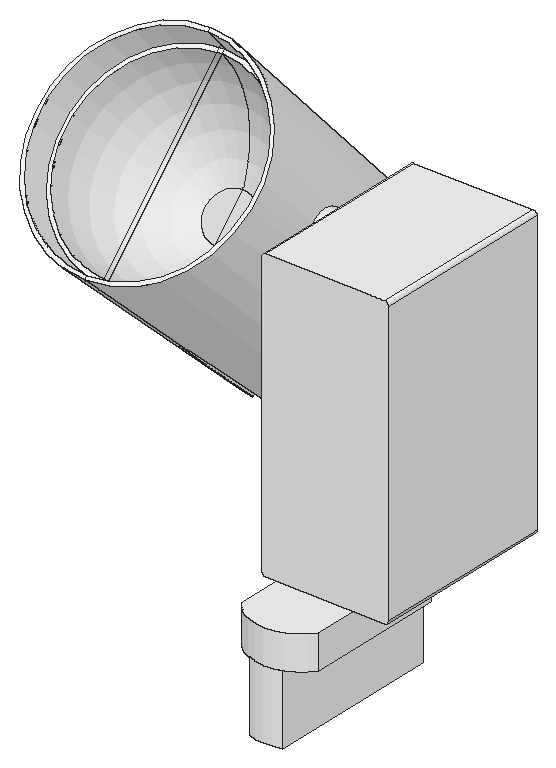
Revit family "0004875 Feilo Sylvania Lighting Fixture START TRACK SPOT S 24W 4K RA90 MB WHITE", category Lighting Fixtures, host Face, Revit 2017 (continued)
Definition of nested family "Start Track Spot Head"
  Types (96, lengths in mm): name | Wattage | built-in parameter 1150134 | Photometric Web File | Model | built-in parameter 1150105 | Lumens | built-in parameter 1150107 | built-in parameter 1150106 | HeadThickness_FEILO | HeadRibOffset_FEILO | HeadRibDepth_FEILO | HeadRibCutWidth_FEILO | HeadRibCutOffset_FEILO | HeadReflectorRadius_FEILO | HeadReflectorOffset_FEILO | HeadLEDRadius_FEILO | HeadHeight_FEILO | HeadDiffusorOffset_FEILO | HeadDiaOut_FEILO | HeadDiaIn_FEILO | HeadAxisFromTop_FEILO | Emit from Circle Diameter | built-in parameter 1150104 | Description | Apparent Load
    0004864 START TRACK SPOT S 24W 3K RA90 WB WHITE | 24 W | (empty or 0) | "0004864.ies" | "START TRACK SPOT S 24W 3K RA90 WB WHITE" | 152.79 (stored number, unit not read) | 1920 lm | 3000 (stored number, unit not read) | 1.5279 (stored number, unit not read) | 1.5 | 4.179 | 55.714 | 7.167 | 50.87 | 50.588 | 55.714 | 9.556 | 117 | 9.435 | 86 | 77.477 | 69.354 | 77.477 | 7.4322 (stored number, unit not read) | "Integrated LED spotlight, Textured White - RAL9016, compact and minimalist design, ideal for retail applications, die-cast aluminium body, passive cooling heatsink. Beam angle: 64°, color temperature: 3000K , total system power: 24W, total fixture output: 1928 lm, LOR: 100%, colour rendering: Ra: 90 typical, LED Chromaticity: 3 step MacAdam ellipse, lifetime: >50000 hours at L70B50, energy class: A++, A+, A, IR/UV free light source without heat radiation, operating voltage: 220-240V / 50-60Hz, drive current: 600mA, electronic driver, non-dimmable, power factor: 0.95, electrical protection: Class II, Global Track 3 Phase adapter suitable for Global trac 3-circuit tracks, ingress protection rating: IP20, suitable for internal environment only, horizontal rotation: 355°, vertical tilt: 90°, dimensions: Ø86x140x200, weight: 0.966kg." | 24 VA
    0004863 START TRACK SPOT S 24W 3K RA90 MB WHITE | 24 W | (empty or 0) | "0004863.ies" | "START TRACK SPOT S 24W 3K RA90 MB WHITE" | 154.7 (stored number, unit not read) | 1944 lm | 3000 (stored number, unit not read) | 1.547 (stored number, unit not read) | 1.5 | 4.179 | 55.714 | 7.167 | 50.87 | 50.588 | 55.714 | 9.556 | 117 | 9.435 | 86 | 77.477 | 69.354 | 77.477 | 7.5251 (stored number, unit not read) | "Integrated LED spotlight, Textured White - RAL9016, compact and minimalist design, ideal for retail applications, die-cast aluminium body, passive cooling heatsink. Beam angle: 36°, color temperature: 3000K , total system power: 24W, total fixture output: 1944 lm, LOR: 100%, colour rendering: Ra: 90 typical, LED Chromaticity: 3 step MacAdam ellipse, lifetime: >50000 hours at L70B50, energy class: A++, A+, A, IR/UV free light source without heat radiation, operating voltage: 220-240V / 50-60Hz, drive current: 600mA, electronic driver, non-dimmable, power factor: 0.95, electrical protection: Class II, Global Track 3 Phase adapter suitable for Global trac 3-circuit tracks, ingress protection rating: IP20, suitable for internal environment only, horizontal rotation: 355°, vertical tilt: 90°, dimensions: Ø86x140x200, weight: 0.966kg." | 24 VA
    0004862 START TRACK SPOT S 24W 3K RA90 NB WHITE | 24 W | (empty or 0) | "0004862.ies" | "START TRACK SPOT S 24W 3K RA90 NB WHITE" | 158.52 (stored number, unit not read) | 1992 lm | 3000 (stored number, unit not read) | 1.5852 (stored number, unit not read) | 1.5 | 4.179 | 55.714 | 7.167 | 50.87 | 50.588 | 55.714 | 9.556 | 117 | 9.435 | 86 | 77.477 | 69.354 | 77.477 | 7.711 (stored number, unit not read) | "Integrated LED spotlight, Textured White - RAL9016, compact and minimalist design, ideal for retail applications, die-cast aluminium body, passive cooling heatsink. Beam angle: 12°, color temperature: 3000K , total system power: 24W, total fixture output: 1987 lm, LOR: 100%, colour rendering: Ra: 90 typical, LED Chromaticity: 3 step MacAdam ellipse, lifetime: >50000 hours at L70B50, energy class: A++, A+, A, IR/UV free light source without heat radiation, operating voltage: 220-240V / 50-60Hz, drive current: 600mA, electronic driver, non-dimmable, power factor: 0.95, electrical protection: Class II, Global Track 3 Phase adapter suitable for Global trac 3-circuit tracks, ingress protection rating: IP20, suitable for internal environment only, horizontal rotation: 355°, vertical tilt: 90°, dimensions: Ø86x140x200, weight: 0.966kg." | 24 VA
    0004861 START TRACK SPOT S 14W 3K RA90 WB WHITE | 14 W | (empty or 0) | "0004861.ies" | "START TRACK SPOT S 14W 3K RA90 WB WHITE" | 100.27 (stored number, unit not read) | 1260 lm | 3000 (stored number, unit not read) | 1.0027 (stored number, unit not read) | 1.5 | 4.179 | 55.714 | 7.167 | 50.87 | 50.588 | 55.714 | 9.556 | 117 | 9.435 | 86 | 77.477 | 69.354 | 77.477 | 8.3613 (stored number, unit not read) | "Integrated LED spotlight, Textured White - RAL9016, compact and minimalist design, ideal for retail applications, die-cast aluminium body, passive cooling heatsink. Beam angle: 64°, color temperature: 3000K , total system power: 14W, total fixture output: 1262 lm, LOR: 100%, colour rendering: Ra: 90 typical, LED Chromaticity: 3 step MacAdam ellipse, lifetime: >50000 hours at L70B50, energy class: A++, A+, A, IR/UV free light source without heat radiation, operating voltage: 220-240V / 50-60Hz, drive current: 350mA, electronic driver, non-dimmable, power factor: 0.92, electrical protection: Class II, Global Track 3 Phase adapter suitable for Global trac 3-circuit tracks, ingress protection rating: IP20, suitable for internal environment only, horizontal rotation: 355°, vertical tilt: 90°, dimensions: Ø86x140x200, weight: 0.940kg." | 14 VA
    0004860 START TRACK SPOT S 14W 3K RA90 MB WHITE | 14 W | (empty or 0) | "0004860.ies" | "START TRACK SPOT S 14W 3K RA90 MB WHITE" | 100.27 (stored number, unit not read) | 1260 lm | 3000 (stored number, unit not read) | 1.0027 (stored number, unit not read) | 1.5 | 4.179 | 55.714 | 7.167 | 50.87 | 50.588 | 55.714 | 9.556 | 117 | 9.435 | 86 | 77.477 | 69.354 | 77.477 | 8.3613 (stored number, unit not read) | "Integrated LED spotlight, Textured White - RAL9016, compact and minimalist design, ideal for retail applications, die-cast aluminium body, passive cooling heatsink. Beam angle: 36°, color temperature: 3000K , total system power: 14W, total fixture output: 1262 lm, LOR: 100%, colour rendering: Ra: 90 typical, LED Chromaticity: 3 step MacAdam ellipse, lifetime: >50000 hours at L70B50, energy class: A++, A+, A, IR/UV free light source without heat radiation, operating voltage: 220-240V / 50-60Hz, drive current: 350mA, electronic driver, non-dimmable, power factor: 0.92, electrical protection: Class II, Global Track 3 Phase adapter suitable for Global trac 3-circuit tracks, ingress protection rating: IP20, suitable for internal environment only, horizontal rotation: 355°, vertical tilt: 90°, dimensions: Ø86x140x200, weight: 0.940kg." | 14 VA
    0004859 START TRACK SPOT S 14W 3K RA90 NB WHITE | 14 W | (empty or 0) | "0004859.ies" | "START TRACK SPOT S 14W 3K RA90 NB WHITE" | 102.5 (stored number, unit not read) | 1288 lm | 3000 (stored number, unit not read) | 1.025 (stored number, unit not read) | 1.5 | 4.179 | 55.714 | 7.167 | 50.87 | 50.588 | 55.714 | 9.556 | 117 | 9.435 | 86 | 77.477 | 69.354 | 77.477 | 8.5471 (stored number, unit not read) | "Integrated LED spotlight, Textured White - RAL9016, compact and minimalist design, ideal for retail applications, die-cast aluminium body, passive cooling heatsink. Beam angle: 12°, color temperature: 3000K , total system power: 14W, total fixture output: 1284 lm, LOR: 100%, colour rendering: Ra: 90 typical, LED Chromaticity: 3 step MacAdam ellipse, lifetime: >50000 hours at L70B50, energy class: A++, A+, A, IR/UV free light source without heat radiation, operating voltage: 220-240V / 50-60Hz, drive current: 350mA, electronic driver, non-dimmable, power factor: 0.92, electrical protection: Class II, Global Track 3 Phase adapter suitable for Global trac 3-circuit tracks, ingress protection rating: IP20, suitable for internal environment only, horizontal rotation: 355°, vertical tilt: 90°, dimensions: Ø86x140x200, weight: 0.940kg." | 14 VA
    0004858 START TRACK SPOT L 55W 4K RA80 WB BLACK | 55 W | 12 | "0004858.ies" | "START TRACK SPOT L 55W 4K RA80 WB BLACK" | 424.55 (stored number, unit not read) | 5335 lm | 4000 (stored number, unit not read) | 4.2455 (stored number, unit not read) | 2 | 4.429 | 59.048 | 9.417 | 53.913 | 66.471 | 59.048 | 12.556 | 124 | 10 | 113 | 101.802 | 73.503 | 101.802 | 9.0116 (stored number, unit not read) | "Integrated LED spotlight, Textured Black - RAL9005, compact and minimalist design, ideal for retail applications, die-cast aluminium body, passive cooling heatsink. Beam angle: 52°, color temperature: 4000K , total system power: 55W, total fixture output: 5320 lm, LOR: 100%, colour rendering: Ra: 80 typical, LED Chromaticity: 3 step MacAdam ellipse, lifetime: >50000 hours at L70B50, energy class: A++, A+, A, IR/UV free light source without heat radiation, operating voltage: 220-240V / 50-60Hz, drive current: 1400mA, electronic driver, non-dimmable, power factor: 0.96, electrical protection: Class II, Global Track 3 Phase adapter suitable for Global trac 3-circuit tracks, ingress protection rating: IP20, suitable for internal environment only, horizontal rotation: 355°, vertical tilt: 90°, dimensions: Ø113x164x240, weight: 1.398kg." | 55 VA
    0004857 START TRACK SPOT L 55W 4K RA80 MB BLACK | 55 W | 12 | "0004857.ies" | "START TRACK SPOT L 55W 4K RA80 MB BLACK" | 428.92 (stored number, unit not read) | 5390 lm | 4000 (stored number, unit not read) | 4.2892 (stored number, unit not read) | 2 | 4.429 | 59.048 | 9.417 | 53.913 | 66.471 | 59.048 | 12.556 | 124 | 10 | 113 | 101.802 | 73.503 | 101.802 | 9.1045 (stored number, unit not read) | "Integrated LED spotlight, Textured Black - RAL9005, compact and minimalist design, ideal for retail applications, die-cast aluminium body, passive cooling heatsink. Beam angle: 38°, color temperature: 4000K , total system power: 55W, total fixture output: 5378 lm, LOR: 100%, colour rendering: Ra: 80 typical, LED Chromaticity: 3 step MacAdam ellipse, lifetime: >50000 hours at L70B50, energy class: A++, A+, A, IR/UV free light source without heat radiation, operating voltage: 220-240V / 50-60Hz, drive current: 1400mA, electronic driver, non-dimmable, power factor: 0.96, electrical protection: Class II, Global Track 3 Phase adapter suitable for Global trac 3-circuit tracks, ingress protection rating: IP20, suitable for internal environment only, horizontal rotation: 355°, vertical tilt: 90°, dimensions: Ø113x164x240, weight: 1.398kg." | 55 VA
    0004856 START TRACK SPOT L 55W 4K RA80 NB BLACK | 55 W | 12 | "0004856.ies" | "START TRACK SPOT L 55W 4K RA80 NB BLACK" | 433.3 (stored number, unit not read) | 5445 lm | 4000 (stored number, unit not read) | 4.333 (stored number, unit not read) | 2 | 4.429 | 59.048 | 9.417 | 53.913 | 66.471 | 59.048 | 12.556 | 124 | 10 | 113 | 101.802 | 73.503 | 101.802 | 9.1974 (stored number, unit not read) | "Integrated LED spotlight, Textured Black - RAL9005, compact and minimalist design, ideal for retail applications, die-cast aluminium body, passive cooling heatsink. Beam angle: 15°, color temperature: 4000K , total system power: 55W, total fixture output: 5426 lm, LOR: 100%, colour rendering: Ra: 80 typical, LED Chromaticity: 3 step MacAdam ellipse, lifetime: >50000 hours at L70B50, energy class: A++, A+, A, IR/UV free light source without heat radiation, operating voltage: 220-240V / 50-60Hz, drive current: 1400mA, electronic driver, non-dimmable, power factor: 0.96, electrical protection: Class II, Global Track 3 Phase adapter suitable for Global trac 3-circuit tracks, ingress protection rating: IP20, suitable for internal environment only, horizontal rotation: 355°, vertical tilt: 90°, dimensions: Ø113x164x240, weight: 1.398kg." | 55 VA
    0004855 START TRACK SPOT L 35W 4K RA80 WB BLACK | 35 W | 12 | "0004855.ies" | "START TRACK SPOT L 35W 4K RA80 WB BLACK" | 320.3 (stored number, unit not read) | 4025 lm | 4000 (stored number, unit not read) | 3.203 (stored number, unit not read) | 2 | 4.429 | 59.048 | 9.417 | 53.913 | 66.471 | 59.048 | 12.556 | 124 | 10 | 113 | 101.802 | 73.503 | 101.802 | 10.684 (stored number, unit not read) | "Integrated LED spotlight, Textured Black - RAL9005, compact and minimalist design, ideal for retail applications, die-cast aluminium body, passive cooling heatsink. Beam angle: 52°, color temperature: 4000K , total system power: 35W, total fixture output: 4010 lm, LOR: 100%, colour rendering: Ra: 80 typical, LED Chromaticity: 3 step MacAdam ellipse, lifetime: >50000 hours at L70B50, energy class: A++, A+, A, IR/UV free light source without heat radiation, operating voltage: 220-240V / 50-60Hz, drive current: 900mA, electronic driver, non-dimmable, power factor: 0.93, electrical protection: Class II, Global Track 3 Phase adapter suitable for Global trac 3-circuit tracks, ingress protection rating: IP20, suitable for internal environment only, horizontal rotation: 355°, vertical tilt: 90°, dimensions: Ø113x164x240, weight: 1.368kg." | 35 VA
    0004854 START TRACK SPOT L 35W 4K RA80 MB BLACK | 35 W | 12 | "0004854.ies" | "START TRACK SPOT L 35W 4K RA80 MB BLACK" | 320.3 (stored number, unit not read) | 4025 lm | 4000 (stored number, unit not read) | 3.203 (stored number, unit not read) | 2 | 4.429 | 59.048 | 9.417 | 53.913 | 66.471 | 59.048 | 12.556 | 124 | 10 | 113 | 101.802 | 73.503 | 101.802 | 10.684 (stored number, unit not read) | "Integrated LED spotlight, Textured Black - RAL9005, compact and minimalist design, ideal for retail applications, die-cast aluminium body, passive cooling heatsink. Beam angle: 38°, color temperature: 4000K , total system power: 35W, total fixture output: 4017 lm, LOR: 100%, colour rendering: Ra: 80 typical, LED Chromaticity: 3 step MacAdam ellipse, lifetime: >50000 hours at L70B50, energy class: A++, A+, A, IR/UV free light source without heat radiation, operating voltage: 220-240V / 50-60Hz, drive current: 900mA, electronic driver, non-dimmable, power factor: 0.93, electrical protection: Class II, Global Track 3 Phase adapter suitable for Global trac 3-circuit tracks, ingress protection rating: IP20, suitable for internal environment only, horizontal rotation: 355°, vertical tilt: 90°, dimensions: Ø113x164x240, weight: 1.368kg." | 35 VA
    0004853 START TRACK SPOT L 35W 4K RA80 NB BLACK | 35 W | 12 | "0004853.ies" | "START TRACK SPOT L 35W 4K RA80 NB BLACK" | 331.44 (stored number, unit not read) | 4165 lm | 4000 (stored number, unit not read) | 3.3144 (stored number, unit not read) | 2 | 4.429 | 59.048 | 9.417 | 53.913 | 66.471 | 59.048 | 12.556 | 124 | 10 | 113 | 101.802 | 73.503 | 101.802 | 11.055 (stored number, unit not read) | "Integrated LED spotlight, Textured Black - RAL9005, compact and minimalist design, ideal for retail applications, die-cast aluminium body, passive cooling heatsink. Beam angle: 15°, color temperature: 4000K , total system power: 35W, total fixture output: 4174 lm, LOR: 100%, colour rendering: Ra: 80 typical, LED Chromaticity: 3 step MacAdam ellipse, lifetime: >50000 hours at L70B50, energy class: A++, A+, A, IR/UV free light source without heat radiation, operating voltage: 220-240V / 50-60Hz, drive current: 900mA, electronic driver, non-dimmable, power factor: 0.93, electrical protection: Class II, Global Track 3 Phase adapter suitable for Global trac 3-circuit tracks, ingress protection rating: IP20, suitable for internal environment only, horizontal rotation: 355°, vertical tilt: 90°, dimensions: Ø113x164x240, weight: 1.368kg." | 35 VA
    0004852 START TRACK SPOT S 24W 4K RA80 WB BLACK | 24 W | 12 | "0004852.ies" | "START TRACK SPOT S 24W 4K RA80 WB BLACK" | 196.72 (stored number, unit not read) | 2472 lm | 4000 (stored number, unit not read) | 1.9672 (stored number, unit not read) | 1.5 | 4.179 | 55.714 | 7.167 | 50.87 | 50.588 | 55.714 | 9.556 | 117 | 9.435 | 86 | 77.477 | 69.354 | 77.477 | 9.569 (stored number, unit not read) | "Integrated LED spotlight, Textured Black - RAL9005, compact and minimalist design, ideal for retail applications, die-cast aluminium body, passive cooling heatsink. Beam angle: 64°, color temperature: 4000K , total system power: 24W, total fixture output: 2476 lm, LOR: 100%, colour rendering: Ra: 80 typical, LED Chromaticity: 3 step MacAdam ellipse, lifetime: >50000 hours at L70B50, energy class: A++, A+, A, IR/UV free light source without heat radiation, operating voltage: 220-240V / 50-60Hz, drive current: 600mA, electronic driver, non-dimmable, power factor: 0.95, electrical protection: Class II, Global Track 3 Phase adapter suitable for Global trac 3-circuit tracks, ingress protection rating: IP20, suitable for internal environment only, horizontal rotation: 355°, vertical tilt: 90°, dimensions: Ø86x140x200, weight: 0.966kg." | 24 VA
    0004851 START TRACK SPOT S 24W 4K RA80 MB BLACK | 24 W | 12 | "0004851.ies" | "START TRACK SPOT S 24W 4K RA80 MB BLACK" | 198.63 (stored number, unit not read) | 2496 lm | 4000 (stored number, unit not read) | 1.9863 (stored number, unit not read) | 1.5 | 4.179 | 55.714 | 7.167 | 50.87 | 50.588 | 55.714 | 9.556 | 117 | 9.435 | 86 | 77.477 | 69.354 | 77.477 | 9.6619 (stored number, unit not read) | "Integrated LED spotlight, Textured Black - RAL9005, compact and minimalist design, ideal for retail applications, die-cast aluminium body, passive cooling heatsink. Beam angle: 36°, color temperature: 4000K , total system power: 24W, total fixture output: 2487 lm, LOR: 100%, colour rendering: Ra: 80 typical, LED Chromaticity: 3 step MacAdam ellipse, lifetime: >50000 hours at L70B50, energy class: A++, A+, A, IR/UV free light source without heat radiation, operating voltage: 220-240V / 50-60Hz, drive current: 600mA, electronic driver, non-dimmable, power factor: 0.95, electrical protection: Class II, Global Track 3 Phase adapter suitable for Global trac 3-circuit tracks, ingress protection rating: IP20, suitable for internal environment only, horizontal rotation: 355°, vertical tilt: 90°, dimensions: Ø86x140x200, weight: 0.966kg." | 24 VA
    0004850 START TRACK SPOT S 24W 4K RA80 NB BLACK | 24 W | 12 | "0004850.ies" | "START TRACK SPOT S 24W 4K RA80 NB BLACK" | 200.54 (stored number, unit not read) | 2520 lm | 4000 (stored number, unit not read) | 2.0054 (stored number, unit not read) | 1.5 | 4.179 | 55.714 | 7.167 | 50.87 | 50.588 | 55.714 | 9.556 | 117 | 9.435 | 86 | 77.477 | 69.354 | 77.477 | 9.7548 (stored number, unit not read) | "Integrated LED spotlight, Textured Black - RAL9005, compact and minimalist design, ideal for retail applications, die-cast aluminium body, passive cooling heatsink. Beam angle: 12°, color temperature: 4000K , total system power: 24W, total fixture output: 2529 lm, LOR: 100%, colour rendering: Ra: 80 typical, LED Chromaticity: 3 step MacAdam ellipse, lifetime: >50000 hours at L70B50, energy class: A++, A+, A, IR/UV free light source without heat radiation, operating voltage: 220-240V / 50-60Hz, drive current: 600mA, electronic driver, non-dimmable, power factor: 0.95, electrical protection: Class II, Global Track 3 Phase adapter suitable for Global trac 3-circuit tracks, ingress protection rating: IP20, suitable for internal environment only, horizontal rotation: 355°, vertical tilt: 90°, dimensions: Ø86x140x200, weight: 0.966kg." | 24 VA
    0004849 START TRACK SPOT S 14W 4K RA80 WB BLACK | 14 W | 12 | "0004849.ies" | "START TRACK SPOT S 14W 4K RA80 WB BLACK" | 123.66 (stored number, unit not read) | 1554 lm | 4000 (stored number, unit not read) | 1.2366 (stored number, unit not read) | 1.5 | 4.179 | 55.714 | 7.167 | 50.87 | 50.588 | 55.714 | 9.556 | 117 | 9.435 | 86 | 77.477 | 69.354 | 77.477 | 10.312 (stored number, unit not read) | "Integrated LED spotlight, Textured Black - RAL9005, compact and minimalist design, ideal for retail applications, die-cast aluminium body, passive cooling heatsink. Beam angle: 64°, color temperature: 4000K , total system power: 14W, total fixture output: 1558 lm, LOR: 100%, colour rendering: Ra: 80 typical, LED Chromaticity: 3 step MacAdam ellipse, lifetime: >50000 hours at L70B50, energy class: A++, A+, A, IR/UV free light source without heat radiation, operating voltage: 220-240V / 50-60Hz, drive current: 350mA, electronic driver, non-dimmable, power factor: 0.92, electrical protection: Class II, Global Track 3 Phase adapter suitable for Global trac 3-circuit tracks, ingress protection rating: IP20, suitable for internal environment only, horizontal rotation: 355°, vertical tilt: 90°, dimensions: Ø86x140x200, weight: 0.940kg." | 14 VA
    0004848 START TRACK SPOT S 14W 4K RA80 MB BLACK | 14 W | 12 | "0004848.ies" | "START TRACK SPOT S 14W 4K RA80 MB BLACK" | 127.01 (stored number, unit not read) | 1596 lm | 4000 (stored number, unit not read) | 1.2701 (stored number, unit not read) | 1.5 | 4.179 | 55.714 | 7.167 | 50.87 | 50.588 | 55.714 | 9.556 | 117 | 9.435 | 86 | 77.477 | 69.354 | 77.477 | 10.591 (stored number, unit not read) | "Integrated LED spotlight, Textured Black - RAL9005, compact and minimalist design, ideal for retail applications, die-cast aluminium body, passive cooling heatsink. Beam angle: 36°, color temperature: 4000K , total system power: 14W, total fixture output: 1598 lm, LOR: 100%, colour rendering: Ra: 80 typical, LED Chromaticity: 3 step MacAdam ellipse, lifetime: >50000 hours at L70B50, energy class: A++, A+, A, IR/UV free light source without heat radiation, operating voltage: 220-240V / 50-60Hz, drive current: 350mA, electronic driver, non-dimmable, power factor: 0.92, electrical protection: Class II, Global Track 3 Phase adapter suitable for Global trac 3-circuit tracks, ingress protection rating: IP20, suitable for internal environment only, horizontal rotation: 355°, vertical tilt: 90°, dimensions: Ø86x140x200, weight: 0.940kg." | 14 VA
    0004847 START TRACK SPOT S 14W 4K RA80 NB BLACK | 14 W | 12 | "0004847.ies" | "START TRACK SPOT S 14W 4K RA80 NB BLACK" | 128.12 (stored number, unit not read) | 1610 lm | 4000 (stored number, unit not read) | 1.2812 (stored number, unit not read) | 1.5 | 4.179 | 55.714 | 7.167 | 50.87 | 50.588 | 55.714 | 9.556 | 117 | 9.435 | 86 | 77.477 | 69.354 | 77.477 | 10.684 (stored number, unit not read) | "Integrated LED spotlight, Textured Black - RAL9005, compact and minimalist design, ideal for retail applications, die-cast aluminium body, passive cooling heatsink. Beam angle: 12°, color temperature: 4000K , total system power: 14W, total fixture output: 1608 lm, LOR: 100%, colour rendering: Ra: 80 typical, LED Chromaticity: 3 step MacAdam ellipse, lifetime: >50000 hours at L70B50, energy class: A++, A+, A, IR/UV free light source without heat radiation, operating voltage: 220-240V / 50-60Hz, drive current: 350mA, electronic driver, non-dimmable, power factor: 0.92, electrical protection: Class II, Global Track 3 Phase adapter suitable for Global trac 3-circuit tracks, ingress protection rating: IP20, suitable for internal environment only, horizontal rotation: 355°, vertical tilt: 90°, dimensions: Ø86x140x200, weight: 0.940kg." | 14 VA
    0004846 START TRACK SPOT L 55W 3K RA80 WB BLACK | 55 W | (empty or 0) | "0004846.ies" | "START TRACK SPOT L 55W 3K RA80 WB BLACK" | 420.17 (stored number, unit not read) | 5280 lm | 3000 (stored number, unit not read) | 4.2017 (stored number, unit not read) | 2 | 4.429 | 59.048 | 9.417 | 53.913 | 66.471 | 59.048 | 12.556 | 124 | 10 | 113 | 101.802 | 73.503 | 101.802 | 8.9187 (stored number, unit not read) | "Integrated LED spotlight, Textured Black - RAL9005, compact and minimalist design, ideal for retail applications, die-cast aluminium body, passive cooling heatsink. Beam angle: 52°, color temperature: 3000K , total system power: 55W, total fixture output: 5298 lm, LOR: 100%, colour rendering: Ra: 80 typical, LED Chromaticity: 3 step MacAdam ellipse, lifetime: >50000 hours at L70B50, energy class: A++, A+, A, IR/UV free light source without heat radiation, operating voltage: 220-240V / 50-60Hz, drive current: 1400mA, electronic driver, non-dimmable, power factor: 0.96, electrical protection: Class II, Global Track 3 Phase adapter suitable for Global trac 3-circuit tracks, ingress protection rating: IP20, suitable for internal environment only, horizontal rotation: 355°, vertical tilt: 90°, dimensions: Ø113x164x240, weight: 1.398kg." | 55 VA
    0004845 START TRACK SPOT L 55W 3K RA80 MB BLACK | 55 W | (empty or 0) | "0004845.ies" | "START TRACK SPOT L 55W 3K RA80 MB BLACK" | 428.92 (stored number, unit not read) | 5390 lm | 3000 (stored number, unit not read) | 4.2892 (stored number, unit not read) | 2 | 4.429 | 59.048 | 9.417 | 53.913 | 66.471 | 59.048 | 12.556 | 124 | 10 | 113 | 101.802 | 73.503 | 101.802 | 9.1045 (stored number, unit not read) | "Integrated LED spotlight, Textured Black - RAL9005, compact and minimalist design, ideal for retail applications, die-cast aluminium body, passive cooling heatsink. Beam angle: 38°, color temperature: 3000K , total system power: 55W, total fixture output: 5381 lm, LOR: 100%, colour rendering: Ra: 80 typical, LED Chromaticity: 3 step MacAdam ellipse, lifetime: >50000 hours at L70B50, energy class: A++, A+, A, IR/UV free light source without heat radiation, operating voltage: 220-240V / 50-60Hz, drive current: 1400mA, electronic driver, non-dimmable, power factor: 0.96, electrical protection: Class II, Global Track 3 Phase adapter suitable for Global trac 3-circuit tracks, ingress protection rating: IP20, suitable for internal environment only, horizontal rotation: 355°, vertical tilt: 90°, dimensions: Ø113x164x240, weight: 1.398kg." | 55 VA
    0004844 START TRACK SPOT L 55W 3K RA80 NB BLACK | 55 W | (empty or 0) | "0004844.ies" | "START TRACK SPOT L 55W 3K RA80 NB BLACK" | 433.3 (stored number, unit not read) | 5445 lm | 3000 (stored number, unit not read) | 4.333 (stored number, unit not read) | 2 | 4.429 | 59.048 | 9.417 | 53.913 | 66.471 | 59.048 | 12.556 | 124 | 10 | 113 | 101.802 | 73.503 | 101.802 | 9.1974 (stored number, unit not read) | "Integrated LED spotlight, Textured Black - RAL9005, compact and minimalist design, ideal for retail applications, die-cast aluminium body, passive cooling heatsink. Beam angle: 15°, color temperature: 3000K , total system power: 55W, total fixture output: 5449 lm, LOR: 100%, colour rendering: Ra: 80 typical, LED Chromaticity: 3 step MacAdam ellipse, lifetime: >50000 hours at L70B50, energy class: A++, A+, A, IR/UV free light source without heat radiation, operating voltage: 220-240V / 50-60Hz, drive current: 1400mA, electronic driver, non-dimmable, power factor: 0.96, electrical protection: Class II, Global Track 3 Phase adapter suitable for Global trac 3-circuit tracks, ingress protection rating: IP20, suitable for internal environment only, horizontal rotation: 355°, vertical tilt: 90°, dimensions: Ø113x164x240, weight: 1.398kg." | 55 VA
    0004843 START TRACK SPOT L 35W 3K RA80 WB BLACK | 35 W | (empty or 0) | "0004843.ies" | "START TRACK SPOT L 35W 3K RA80 WB BLACK" | 314.73 (stored number, unit not read) | 3955 lm | 3000 (stored number, unit not read) | 3.1473 (stored number, unit not read) | 2 | 4.429 | 59.048 | 9.417 | 53.913 | 66.471 | 59.048 | 12.556 | 124 | 10 | 113 | 101.802 | 73.503 | 101.802 | 10.498 (stored number, unit not read) | "Integrated LED spotlight, Textured Black - RAL9005, compact and minimalist design, ideal for retail applications, die-cast aluminium body, passive cooling heatsink. Beam angle: 52°, color temperature: 3000K , total system power: 35W, total fixture output: 3943 lm, LOR: 100%, colour rendering: Ra: 80 typical, LED Chromaticity: 3 step MacAdam ellipse, lifetime: >50000 hours at L70B50, energy class: A++, A+, A, IR/UV free light source without heat radiation, operating voltage: 220-240V / 50-60Hz, drive current: 900mA, electronic driver, non-dimmable, power factor: 0.93, electrical protection: Class II, Global Track 3 Phase adapter suitable for Global trac 3-circuit tracks, ingress protection rating: IP20, suitable for internal environment only, horizontal rotation: 355°, vertical tilt: 90°, dimensions: Ø113x164x240, weight: 1.368kg." | 35 VA
    0004842 START TRACK SPOT L 35W 3K RA80 MB BLACK | 35 W | (empty or 0) | "0004842.ies" | "START TRACK SPOT L 35W 3K RA80 MB BLACK" | 320.3 (stored number, unit not read) | 4025 lm | 3000 (stored number, unit not read) | 3.203 (stored number, unit not read) | 2 | 4.429 | 59.048 | 9.417 | 53.913 | 66.471 | 59.048 | 12.556 | 124 | 10 | 113 | 101.802 | 73.503 | 101.802 | 10.684 (stored number, unit not read) | "Integrated LED spotlight, Textured Black - RAL9005, compact and minimalist design, ideal for retail applications, die-cast aluminium body, passive cooling heatsink. Beam angle: 38°, color temperature: 3000K , total system power: 35W, total fixture output: 4008 lm, LOR: 100%, colour rendering: Ra: 80 typical, LED Chromaticity: 3 step MacAdam ellipse, lifetime: >50000 hours at L70B50, energy class: A++, A+, A, IR/UV free light source without heat radiation, operating voltage: 220-240V / 50-60Hz, drive current: 900mA, electronic driver, non-dimmable, power factor: 0.93, electrical protection: Class II, Global Track 3 Phase adapter suitable for Global trac 3-circuit tracks, ingress protection rating: IP20, suitable for internal environment only, horizontal rotation: 355°, vertical tilt: 90°, dimensions: Ø113x164x240, weight: 1.368kg." | 35 VA
    0004841 START TRACK SPOT L 35W 3K RA80 NB BLACK | 35 W | (empty or 0) | "0004841.ies" | "START TRACK SPOT L 35W 3K RA80 NB BLACK" | 317.51 (stored number, unit not read) | 3990 lm | 3000 (stored number, unit not read) | 3.1751 (stored number, unit not read) | 2 | 4.429 | 59.048 | 9.417 | 53.913 | 66.471 | 59.048 | 12.556 | 124 | 10 | 113 | 101.802 | 73.503 | 101.802 | 10.591 (stored number, unit not read) | "Integrated LED spotlight, Textured Black - RAL9005, compact and minimalist design, ideal for retail applications, die-cast aluminium body, passive cooling heatsink. Beam angle: 15°, color temperature: 3000K , total system power: 35W, total fixture output: 4005 lm, LOR: 100%, colour rendering: Ra: 80 typical, LED Chromaticity: 3 step MacAdam ellipse, lifetime: >50000 hours at L70B50, energy class: A++, A+, A, IR/UV free light source without heat radiation, operating voltage: 220-240V / 50-60Hz, drive current: 900mA, electronic driver, non-dimmable, power factor: 0.93, electrical protection: Class II, Global Track 3 Phase adapter suitable for Global trac 3-circuit tracks, ingress protection rating: IP20, suitable for internal environment only, horizontal rotation: 355°, vertical tilt: 90°, dimensions: Ø113x164x240, weight: 1.368kg." | 35 VA
    0004840 START TRACK SPOT S 24W 3K RA80 WB BLACK | 24 W | (empty or 0) | "0004840.ies" | "START TRACK SPOT S 24W 3K RA80 WB BLACK" | 185.26 (stored number, unit not read) | 2328 lm | 3000 (stored number, unit not read) | 1.8526 (stored number, unit not read) | 1.5 | 4.179 | 55.714 | 7.167 | 50.87 | 50.588 | 55.714 | 9.556 | 117 | 9.435 | 86 | 77.477 | 69.354 | 77.477 | 9.0116 (stored number, unit not read) | "Integrated LED spotlight, Textured Black - RAL9005, compact and minimalist design, ideal for retail applications, die-cast aluminium body, passive cooling heatsink. Beam angle: 64°, color temperature: 3000K , total system power: 24W, total fixture output: 2318 lm, LOR: 100%, colour rendering: Ra: 80 typical, LED Chromaticity: 3 step MacAdam ellipse, lifetime: >50000 hours at L70B50, energy class: A++, A+, A, IR/UV free light source without heat radiation, operating voltage: 220-240V / 50-60Hz, drive current: 600mA, electronic driver, non-dimmable, power factor: 0.95, electrical protection: Class II, Global Track 3 Phase adapter suitable for Global trac 3-circuit tracks, ingress protection rating: IP20, suitable for internal environment only, horizontal rotation: 355°, vertical tilt: 90°, dimensions: Ø86x140x200, weight: 0.966kg." | 24 VA
    0004839 START TRACK SPOT S 24W 3K RA80 MB BLACK | 24 W | (empty or 0) | "0004839.ies" | "START TRACK SPOT S 24W 3K RA80 MB BLACK" | 183.35 (stored number, unit not read) | 2304 lm | 3000 (stored number, unit not read) | 1.8335 (stored number, unit not read) | 1.5 | 4.179 | 55.714 | 7.167 | 50.87 | 50.588 | 55.714 | 9.556 | 117 | 9.435 | 86 | 77.477 | 69.354 | 77.477 | 8.9187 (stored number, unit not read) | "Integrated LED spotlight, Textured Black - RAL9005, compact and minimalist design, ideal for retail applications, die-cast aluminium body, passive cooling heatsink. Beam angle: 36°, color temperature: 3000K , total system power: 24W, total fixture output: 2314 lm, LOR: 100%, colour rendering: Ra: 80 typical, LED Chromaticity: 3 step MacAdam ellipse, lifetime: >50000 hours at L70B50, energy class: A++, A+, A, IR/UV free light source without heat radiation, operating voltage: 220-240V / 50-60Hz, drive current: 600mA, electronic driver, non-dimmable, power factor: 0.95, electrical protection: Class II, Global Track 3 Phase adapter suitable for Global trac 3-circuit tracks, ingress protection rating: IP20, suitable for internal environment only, horizontal rotation: 355°, vertical tilt: 90°, dimensions: Ø86x140x200, weight: 0.966kg." | 24 VA
    0004838 START TRACK SPOT S 24W 3K RA80 NB BLACK | 24 W | (empty or 0) | "0004838.ies" | "START TRACK SPOT S 24W 3K RA80 NB BLACK" | 185.26 (stored number, unit not read) | 2328 lm | 3000 (stored number, unit not read) | 1.8526 (stored number, unit not read) | 1.5 | 4.179 | 55.714 | 7.167 | 50.87 | 50.588 | 55.714 | 9.556 | 117 | 9.435 | 86 | 77.477 | 69.354 | 77.477 | 9.0116 (stored number, unit not read) | "Integrated LED spotlight, Textured Black - RAL9005, compact and minimalist design, ideal for retail applications, die-cast aluminium body, passive cooling heatsink. Beam angle: 12°, color temperature: 3000K , total system power: 24W, total fixture output: 2334 lm, LOR: 100%, colour rendering: Ra: 80 typical, LED Chromaticity: 3 step MacAdam ellipse, lifetime: >50000 hours at L70B50, energy class: A++, A+, A, IR/UV free light source without heat radiation, operating voltage: 220-240V / 50-60Hz, drive current: 600mA, electronic driver, non-dimmable, power factor: 0.95, electrical protection: Class II, Global Track 3 Phase adapter suitable for Global trac 3-circuit tracks, ingress protection rating: IP20, suitable for internal environment only, horizontal rotation: 355°, vertical tilt: 90°, dimensions: Ø86x140x200, weight: 0.966kg." | 24 VA
    0004837 START TRACK SPOT S 14W 3K RA80 WB BLACK | 14 W | (empty or 0) | "0004837.ies" | "START TRACK SPOT S 14W 3K RA80 WB BLACK" | 119.21 (stored number, unit not read) | 1498 lm | 3000 (stored number, unit not read) | 1.1921 (stored number, unit not read) | 1.5 | 4.179 | 55.714 | 7.167 | 50.87 | 50.588 | 55.714 | 9.556 | 117 | 9.435 | 86 | 77.477 | 69.354 | 77.477 | 9.9406 (stored number, unit not read) | "Integrated LED spotlight, Textured Black - RAL9005, compact and minimalist design, ideal for retail applications, die-cast aluminium body, passive cooling heatsink. Beam angle: 64°, color temperature: 3000K , total system power: 14W, total fixture output: 1498 lm, LOR: 100%, colour rendering: Ra: 80 typical, LED Chromaticity: 3 step MacAdam ellipse, lifetime: >50000 hours at L70B50, energy class: A++, A+, A, IR/UV free light source without heat radiation, operating voltage: 220-240V / 50-60Hz, drive current: 350mA, electronic driver, non-dimmable, power factor: 0.92, electrical protection: Class II, Global Track 3 Phase adapter suitable for Global trac 3-circuit tracks, ingress protection rating: IP20, suitable for internal environment only, horizontal rotation: 355°, vertical tilt: 90°, dimensions: Ø86x140x200, weight: 0.940kg." | 14 VA
    0004836 START TRACK SPOT S 14W 3K RA80 MB BLACK | 14 W | (empty or 0) | "0004836.ies" | "START TRACK SPOT S 14W 3K RA80 MB BLACK" | 120.32 (stored number, unit not read) | 1512 lm | 3000 (stored number, unit not read) | 1.2032 (stored number, unit not read) | 1.5 | 4.179 | 55.714 | 7.167 | 50.87 | 50.588 | 55.714 | 9.556 | 117 | 9.435 | 86 | 77.477 | 69.354 | 77.477 | 10.034 (stored number, unit not read) | "Integrated LED spotlight, Textured Black - RAL9005, compact and minimalist design, ideal for retail applications, die-cast aluminium body, passive cooling heatsink. Beam angle: 36°, color temperature: 3000K , total system power: 14W, total fixture output: 1508 lm, LOR: 100%, colour rendering: Ra: 80 typical, LED Chromaticity: 3 step MacAdam ellipse, lifetime: >50000 hours at L70B50, energy class: A++, A+, A, IR/UV free light source without heat radiation, operating voltage: 220-240V / 50-60Hz, drive current: 350mA, electronic driver, non-dimmable, power factor: 0.92, electrical protection: Class II, Global Track 3 Phase adapter suitable for Global trac 3-circuit tracks, ingress protection rating: IP20, suitable for internal environment only, horizontal rotation: 355°, vertical tilt: 90°, dimensions: Ø86x140x200, weight: 0.940kg." | 14 VA
    0004835 START TRACK SPOT S 14W 3K RA80 NB BLACK | 14 W | (empty or 0) | "0004835.ies" | "START TRACK SPOT S 14W 3K RA80 NB BLACK" | 123.66 (stored number, unit not read) | 1554 lm | 3000 (stored number, unit not read) | 1.2366 (stored number, unit not read) | 1.5 | 4.179 | 55.714 | 7.167 | 50.87 | 50.588 | 55.714 | 9.556 | 117 | 9.435 | 86 | 77.477 | 69.354 | 77.477 | 10.312 (stored number, unit not read) | "Integrated LED spotlight, Textured Black - RAL9005, compact and minimalist design, ideal for retail applications, die-cast aluminium body, passive cooling heatsink. Beam angle: 12°, color temperature: 3000K , total system power: 14W, total fixture output: 1551 lm, LOR: 100%, colour rendering: Ra: 80 typical, LED Chromaticity: 3 step MacAdam ellipse, lifetime: >50000 hours at L70B50, energy class: A++, A+, A, IR/UV free light source without heat radiation, operating voltage: 220-240V / 50-60Hz, drive current: 350mA, electronic driver, non-dimmable, power factor: 0.92, electrical protection: Class II, Global Track 3 Phase adapter suitable for Global trac 3-circuit tracks, ingress protection rating: IP20, suitable for internal environment only, horizontal rotation: 355°, vertical tilt: 90°, dimensions: Ø86x140x200, weight: 0.940kg." | 14 VA
    0004834 START TRACK SPOT L 55W 4K RA80 WB WHITE | 55 W | 12 | "0004834.ies" | "START TRACK SPOT L 55W 4K RA80 WB WHITE" | 424.55 (stored number, unit not read) | 5335 lm | 4000 (stored number, unit not read) | 4.2455 (stored number, unit not read) | 2 | 4.429 | 59.048 | 9.417 | 53.913 | 66.471 | 59.048 | 12.556 | 124 | 10 | 113 | 101.802 | 73.503 | 101.802 | 9.0116 (stored number, unit not read) | "Integrated LED spotlight, Textured White - RAL9016, compact and minimalist design, ideal for retail applications, die-cast aluminium body, passive cooling heatsink. Beam angle: 52°, color temperature: 4000K , total system power: 55W, total fixture output: 5320 lm, LOR: 100%, colour rendering: Ra: 80 typical, LED Chromaticity: 3 step MacAdam ellipse, lifetime: >50000 hours at L70B50, energy class: A++, A+, A, IR/UV free light source without heat radiation, operating voltage: 220-240V / 50-60Hz, drive current: 1400mA, electronic driver, non-dimmable, power factor: 0.96, electrical protection: Class II, Global Track 3 Phase adapter suitable for Global trac 3-circuit tracks, ingress protection rating: IP20, suitable for internal environment only, horizontal rotation: 355°, vertical tilt: 90°, dimensions: Ø113x164x240, weight: 1.398kg." | 55 VA
    0004833 START TRACK SPOT L 55W 4K RA80 MB WHITE | 55 W | 12 | "0004833.ies" | "START TRACK SPOT L 55W 4K RA80 MB WHITE" | 428.92 (stored number, unit not read) | 5390 lm | 4000 (stored number, unit not read) | 4.2892 (stored number, unit not read) | 2 | 4.429 | 59.048 | 9.417 | 53.913 | 66.471 | 59.048 | 12.556 | 124 | 10 | 113 | 101.802 | 73.503 | 101.802 | 9.1045 (stored number, unit not read) | "Integrated LED spotlight, Textured White - RAL9016, compact and minimalist design, ideal for retail applications, die-cast aluminium body, passive cooling heatsink. Beam angle: 38°, color temperature: 4000K , total system power: 55W, total fixture output: 5378 lm, LOR: 100%, colour rendering: Ra: 80 typical, LED Chromaticity: 3 step MacAdam ellipse, lifetime: >50000 hours at L70B50, energy class: A++, A+, A, IR/UV free light source without heat radiation, operating voltage: 220-240V / 50-60Hz, drive current: 1400mA, electronic driver, non-dimmable, power factor: 0.96, electrical protection: Class II, Global Track 3 Phase adapter suitable for Global trac 3-circuit tracks, ingress protection rating: IP20, suitable for internal environment only, horizontal rotation: 355°, vertical tilt: 90°, dimensions: Ø113x164x240, weight: 1.398kg." | 55 VA
    0004832 START TRACK SPOT L 55W 4K RA80 NB WHITE | 55 W | 12 | "0004832.ies" | "START TRACK SPOT L 55W 4K RA80 NB WHITE" | 433.3 (stored number, unit not read) | 5445 lm | 4000 (stored number, unit not read) | 4.333 (stored number, unit not read) | 2 | 4.429 | 59.048 | 9.417 | 53.913 | 66.471 | 59.048 | 12.556 | 124 | 10 | 113 | 101.802 | 73.503 | 101.802 | 9.1974 (stored number, unit not read) | "Integrated LED spotlight, Textured White - RAL9016, compact and minimalist design, ideal for retail applications, die-cast aluminium body, passive cooling heatsink. Beam angle: 15°, color temperature: 4000K , total system power: 55W, total fixture output: 5426 lm, LOR: 100%, colour rendering: Ra: 80 typical, LED Chromaticity: 3 step MacAdam ellipse, lifetime: >50000 hours at L70B50, energy class: A++, A+, A, IR/UV free light source without heat radiation, operating voltage: 220-240V / 50-60Hz, drive current: 1400mA, electronic driver, non-dimmable, power factor: 0.96, electrical protection: Class II, Global Track 3 Phase adapter suitable for Global trac 3-circuit tracks, ingress protection rating: IP20, suitable for internal environment only, horizontal rotation: 355°, vertical tilt: 90°, dimensions: Ø113x164x240, weight: 1.398kg." | 55 VA
    0004831 START TRACK SPOT L 35W 4K RA80 WB WHITE | 35 W | 12 | "0004831.ies" | "START TRACK SPOT L 35W 4K RA80 WB WHITE" | 320.3 (stored number, unit not read) | 4025 lm | 4000 (stored number, unit not read) | 3.203 (stored number, unit not read) | 2 | 4.429 | 59.048 | 9.417 | 53.913 | 66.471 | 59.048 | 12.556 | 124 | 10 | 113 | 101.802 | 73.503 | 101.802 | 10.684 (stored number, unit not read) | "Integrated LED spotlight, Textured White - RAL9016, compact and minimalist design, ideal for retail applications, die-cast aluminium body, passive cooling heatsink. Beam angle: 52°, color temperature: 4000K , total system power: 35W, total fixture output: 4010 lm, LOR: 100%, colour rendering: Ra: 80 typical, LED Chromaticity: 3 step MacAdam ellipse, lifetime: >50000 hours at L70B50, energy class: A++, A+, A, IR/UV free light source without heat radiation, operating voltage: 220-240V / 50-60Hz, drive current: 900mA, electronic driver, non-dimmable, power factor: 0.93, electrical protection: Class II, Global Track 3 Phase adapter suitable for Global trac 3-circuit tracks, ingress protection rating: IP20, suitable for internal environment only, horizontal rotation: 355°, vertical tilt: 90°, dimensions: Ø113x164x240, weight: 1.368kg." | 35 VA
    0004830 START TRACK SPOT L 35W 4K RA80 MB WHITE | 35 W | 12 | "0004830.ies" | "START TRACK SPOT L 35W 4K RA80 MB WHITE" | 320.3 (stored number, unit not read) | 4025 lm | 4000 (stored number, unit not read) | 3.203 (stored number, unit not read) | 2 | 4.429 | 59.048 | 9.417 | 53.913 | 66.471 | 59.048 | 12.556 | 124 | 10 | 113 | 101.802 | 73.503 | 101.802 | 10.684 (stored number, unit not read) | "Integrated LED spotlight, Textured White - RAL9016, compact and minimalist design, ideal for retail applications, die-cast aluminium body, passive cooling heatsink. Beam angle: 38°, color temperature: 4000K , total system power: 35W, total fixture output: 4017 lm, LOR: 100%, colour rendering: Ra: 80 typical, LED Chromaticity: 3 step MacAdam ellipse, lifetime: >50000 hours at L70B50, energy class: A++, A+, A, IR/UV free light source without heat radiation, operating voltage: 220-240V / 50-60Hz, drive current: 900mA, electronic driver, non-dimmable, power factor: 0.93, electrical protection: Class II, Global Track 3 Phase adapter suitable for Global trac 3-circuit tracks, ingress protection rating: IP20, suitable for internal environment only, horizontal rotation: 355°, vertical tilt: 90°, dimensions: Ø113x164x240, weight: 1.368kg." | 35 VA
    0004829 START TRACK SPOT L 35W 4K RA80 NB WHITE | 35 W | 12 | "0004829.ies" | "START TRACK SPOT L 35W 4K RA80 NB WHITE" | 331.44 (stored number, unit not read) | 4165 lm | 4000 (stored number, unit not read) | 3.3144 (stored number, unit not read) | 2 | 4.429 | 59.048 | 9.417 | 53.913 | 66.471 | 59.048 | 12.556 | 124 | 10 | 113 | 101.802 | 73.503 | 101.802 | 11.055 (stored number, unit not read) | "Integrated LED spotlight, Textured White - RAL9016, compact and minimalist design, ideal for retail applications, die-cast aluminium body, passive cooling heatsink. Beam angle: 15°, color temperature: 4000K , total system power: 35W, total fixture output: 4174 lm, LOR: 100%, colour rendering: Ra: 80 typical, LED Chromaticity: 3 step MacAdam ellipse, lifetime: >50000 hours at L70B50, energy class: A++, A+, A, IR/UV free light source without heat radiation, operating voltage: 220-240V / 50-60Hz, drive current: 900mA, electronic driver, non-dimmable, power factor: 0.93, electrical protection: Class II, Global Track 3 Phase adapter suitable for Global trac 3-circuit tracks, ingress protection rating: IP20, suitable for internal environment only, horizontal rotation: 355°, vertical tilt: 90°, dimensions: Ø113x164x240, weight: 1.368kg." | 35 VA
    0004828 START TRACK SPOT S 24W 4K RA80 WB WHITE | 24 W | 12 | "0004828.ies" | "START TRACK SPOT S 24W 4K RA80 WB WHITE" | 196.72 (stored number, unit not read) | 2472 lm | 4000 (stored number, unit not read) | 1.9672 (stored number, unit not read) | 1.5 | 4.179 | 55.714 | 7.167 | 50.87 | 50.588 | 55.714 | 9.556 | 117 | 9.435 | 86 | 77.477 | 69.354 | 77.477 | 9.569 (stored number, unit not read) | "Integrated LED spotlight, Textured White - RAL9016, compact and minimalist design, ideal for retail applications, die-cast aluminium body, passive cooling heatsink. Beam angle: 64°, color temperature: 4000K , total system power: 24W, total fixture output: 2476 lm, LOR: 100%, colour rendering: Ra: 80 typical, LED Chromaticity: 3 step MacAdam ellipse, lifetime: >50000 hours at L70B50, energy class: A++, A+, A, IR/UV free light source without heat radiation, operating voltage: 220-240V / 50-60Hz, drive current: 600mA, electronic driver, non-dimmable, power factor: 0.95, electrical protection: Class II, Global Track 3 Phase adapter suitable for Global trac 3-circuit tracks, ingress protection rating: IP20, suitable for internal environment only, horizontal rotation: 355°, vertical tilt: 90°, dimensions: Ø86x140x200, weight: 0.966kg." | 24 VA
    0004827 START TRACK SPOT S 24W 4K RA80 MB WHITE | 24 W | 12 | "0004827.ies" | "START TRACK SPOT S 24W 4K RA80 MB WHITE" | 198.63 (stored number, unit not read) | 2496 lm | 4000 (stored number, unit not read) | 1.9863 (stored number, unit not read) | 1.5 | 4.179 | 55.714 | 7.167 | 50.87 | 50.588 | 55.714 | 9.556 | 117 | 9.435 | 86 | 77.477 | 69.354 | 77.477 | 9.6619 (stored number, unit not read) | "Integrated LED spotlight, Textured White - RAL9016, compact and minimalist design, ideal for retail applications, die-cast aluminium body, passive cooling heatsink. Beam angle: 36°, color temperature: 4000K , total system power: 24W, total fixture output: 2487 lm, LOR: 100%, colour rendering: Ra: 80 typical, LED Chromaticity: 3 step MacAdam ellipse, lifetime: >50000 hours at L70B50, energy class: A++, A+, A, IR/UV free light source without heat radiation, operating voltage: 220-240V / 50-60Hz, drive current: 600mA, electronic driver, non-dimmable, power factor: 0.95, electrical protection: Class II, Global Track 3 Phase adapter suitable for Global trac 3-circuit tracks, ingress protection rating: IP20, suitable for internal environment only, horizontal rotation: 355°, vertical tilt: 90°, dimensions: Ø86x140x200, weight: 0.966kg." | 24 VA
    0004826 START TRACK SPOT S 24W 4K RA80 NB WHITE | 24 W | 12 | "0004826.ies" | "START TRACK SPOT S 24W 4K RA80 NB WHITE" | 200.54 (stored number, unit not read) | 2520 lm | 4000 (stored number, unit not read) | 2.0054 (stored number, unit not read) | 1.5 | 4.179 | 55.714 | 7.167 | 50.87 | 50.588 | 55.714 | 9.556 | 117 | 9.435 | 86 | 77.477 | 69.354 | 77.477 | 9.7548 (stored number, unit not read) | "Integrated LED spotlight, Textured White - RAL9016, compact and minimalist design, ideal for retail applications, die-cast aluminium body, passive cooling heatsink. Beam angle: 12°, color temperature: 4000K , total system power: 24W, total fixture output: 2529 lm, LOR: 100%, colour rendering: Ra: 80 typical, LED Chromaticity: 3 step MacAdam ellipse, lifetime: >50000 hours at L70B50, energy class: A++, A+, A, IR/UV free light source without heat radiation, operating voltage: 220-240V / 50-60Hz, drive current: 600mA, electronic driver, non-dimmable, power factor: 0.95, electrical protection: Class II, Global Track 3 Phase adapter suitable for Global trac 3-circuit tracks, ingress protection rating: IP20, suitable for internal environment only, horizontal rotation: 355°, vertical tilt: 90°, dimensions: Ø86x140x200, weight: 0.966kg." | 24 VA
    0004825 START TRACK SPOT S 14W 4K RA80 WB WHITE | 14 W | 12 | "0004825.ies" | "START TRACK SPOT S 14W 4K RA80 WB WHITE" | 123.66 (stored number, unit not read) | 1554 lm | 4000 (stored number, unit not read) | 1.2366 (stored number, unit not read) | 1.5 | 4.179 | 55.714 | 7.167 | 50.87 | 50.588 | 55.714 | 9.556 | 117 | 9.435 | 86 | 77.477 | 69.354 | 77.477 | 10.312 (stored number, unit not read) | "Integrated LED spotlight, Textured White - RAL9016, compact and minimalist design, ideal for retail applications, die-cast aluminium body, passive cooling heatsink. Beam angle: 64°, color temperature: 4000K , total system power: 14W, total fixture output: 1558 lm, LOR: 100%, colour rendering: Ra: 80 typical, LED Chromaticity: 3 step MacAdam ellipse, lifetime: >50000 hours at L70B50, energy class: A++, A+, A, IR/UV free light source without heat radiation, operating voltage: 220-240V / 50-60Hz, drive current: 350mA, electronic driver, non-dimmable, power factor: 0.92, electrical protection: Class II, Global Track 3 Phase adapter suitable for Global trac 3-circuit tracks, ingress protection rating: IP20, suitable for internal environment only, horizontal rotation: 355°, vertical tilt: 90°, dimensions: Ø86x140x200, weight: 0.940kg." | 14 VA
    0004824 START TRACK SPOT S 14W 4K RA80 MB WHITE | 14 W | 12 | "0004824.ies" | "START TRACK SPOT S 14W 4K RA80 MB WHITE" | 127.01 (stored number, unit not read) | 1596 lm | 4000 (stored number, unit not read) | 1.2701 (stored number, unit not read) | 1.5 | 4.179 | 55.714 | 7.167 | 50.87 | 50.588 | 55.714 | 9.556 | 117 | 9.435 | 86 | 77.477 | 69.354 | 77.477 | 10.591 (stored number, unit not read) | "Integrated LED spotlight, Textured White - RAL9016, compact and minimalist design, ideal for retail applications, die-cast aluminium body, passive cooling heatsink. Beam angle: 36°, color temperature: 4000K , total system power: 14W, total fixture output: 1598 lm, LOR: 100%, colour rendering: Ra: 80 typical, LED Chromaticity: 3 step MacAdam ellipse, lifetime: >50000 hours at L70B50, energy class: A++, A+, A, IR/UV free light source without heat radiation, operating voltage: 220-240V / 50-60Hz, drive current: 350mA, electronic driver, non-dimmable, power factor: 0.92, electrical protection: Class II, Global Track 3 Phase adapter suitable for Global trac 3-circuit tracks, ingress protection rating: IP20, suitable for internal environment only, horizontal rotation: 355°, vertical tilt: 90°, dimensions: Ø86x140x200, weight: 0.940kg." | 14 VA
    0004823 START TRACK SPOT S 14W 4K RA80 NB WHITE | 14 W | 12 | "0004823.ies" | "START TRACK SPOT S 14W 4K RA80 NB WHITE" | 128.12 (stored number, unit not read) | 1610 lm | 4000 (stored number, unit not read) | 1.2812 (stored number, unit not read) | 1.5 | 4.179 | 55.714 | 7.167 | 50.87 | 50.588 | 55.714 | 9.556 | 117 | 9.435 | 86 | 77.477 | 69.354 | 77.477 | 10.684 (stored number, unit not read) | "Integrated LED spotlight, Textured White - RAL9016, compact and minimalist design, ideal for retail applications, die-cast aluminium body, passive cooling heatsink. Beam angle: 12°, color temperature: 4000K , total system power: 14W, total fixture output: 1608 lm, LOR: 100%, colour rendering: Ra: 80 typical, LED Chromaticity: 3 step MacAdam ellipse, lifetime: >50000 hours at L70B50, energy class: A++, A+, A, IR/UV free light source without heat radiation, operating voltage: 220-240V / 50-60Hz, drive current: 350mA, electronic driver, non-dimmable, power factor: 0.92, electrical protection: Class II, Global Track 3 Phase adapter suitable for Global trac 3-circuit tracks, ingress protection rating: IP20, suitable for internal environment only, horizontal rotation: 355°, vertical tilt: 90°, dimensions: Ø86x140x200, weight: 0.940kg." | 14 VA
    0004822 START TRACK SPOT L 55W 3K RA80 WB WHITE | 55 W | (empty or 0) | "0004822.ies" | "START TRACK SPOT L 55W 3K RA80 WB WHITE" | 420.17 (stored number, unit not read) | 5280 lm | 3000 (stored number, unit not read) | 4.2017 (stored number, unit not read) | 2 | 4.429 | 59.048 | 9.417 | 53.913 | 66.471 | 59.048 | 12.556 | 124 | 10 | 113 | 101.802 | 73.503 | 101.802 | 8.9187 (stored number, unit not read) | "Integrated LED spotlight, Textured White - RAL9016, compact and minimalist design, ideal for retail applications, die-cast aluminium body, passive cooling heatsink. Beam angle: 52°, color temperature: 3000K , total system power: 55W, total fixture output: 5298 lm, LOR: 100%, colour rendering: Ra: 80 typical, LED Chromaticity: 3 step MacAdam ellipse, lifetime: >50000 hours at L70B50, energy class: A++, A+, A, IR/UV free light source without heat radiation, operating voltage: 220-240V / 50-60Hz, drive current: 1400mA, electronic driver, non-dimmable, power factor: 0.96, electrical protection: Class II, Global Track 3 Phase adapter suitable for Global trac 3-circuit tracks, ingress protection rating: IP20, suitable for internal environment only, horizontal rotation: 355°, vertical tilt: 90°, dimensions: Ø113x164x240, weight: 1.398kg." | 55 VA
    0004821 START TRACK SPOT L 55W 3K RA80 MB WHITE | 55 W | (empty or 0) | "0004821.ies" | "START TRACK SPOT L 55W 3K RA80 MB WHITE" | 428.92 (stored number, unit not read) | 5390 lm | 3000 (stored number, unit not read) | 4.2892 (stored number, unit not read) | 2 | 4.429 | 59.048 | 9.417 | 53.913 | 66.471 | 59.048 | 12.556 | 124 | 10 | 113 | 101.802 | 73.503 | 101.802 | 9.1045 (stored number, unit not read) | "Integrated LED spotlight, Textured White - RAL9016, compact and minimalist design, ideal for retail applications, die-cast aluminium body, passive cooling heatsink. Beam angle: 38°, color temperature: 3000K , total system power: 55W, total fixture output: 5381 lm, LOR: 100%, colour rendering: Ra: 80 typical, LED Chromaticity: 3 step MacAdam ellipse, lifetime: >50000 hours at L70B50, energy class: A++, A+, A, IR/UV free light source without heat radiation, operating voltage: 220-240V / 50-60Hz, drive current: 1400mA, electronic driver, non-dimmable, power factor: 0.96, electrical protection: Class II, Global Track 3 Phase adapter suitable for Global trac 3-circuit tracks, ingress protection rating: IP20, suitable for internal environment only, horizontal rotation: 355°, vertical tilt: 90°, dimensions: Ø113x164x240, weight: 1.398kg." | 55 VA
    0004820 START TRACK SPOT L 55W 3K RA80 NB WHITE | 55 W | (empty or 0) | "0004820.ies" | "START TRACK SPOT L 55W 3K RA80 NB WHITE" | 433.3 (stored number, unit not read) | 5445 lm | 3000 (stored number, unit not read) | 4.333 (stored number, unit not read) | 2 | 4.429 | 59.048 | 9.417 | 53.913 | 66.471 | 59.048 | 12.556 | 124 | 10 | 113 | 101.802 | 73.503 | 101.802 | 9.1974 (stored number, unit not read) | "Integrated LED spotlight, Textured White - RAL9016, compact and minimalist design, ideal for retail applications, die-cast aluminium body, passive cooling heatsink. Beam angle: 15°, color temperature: 3000K , total system power: 55W, total fixture output: 5449 lm, LOR: 100%, colour rendering: Ra: 80 typical, LED Chromaticity: 3 step MacAdam ellipse, lifetime: >50000 hours at L70B50, energy class: A++, A+, A, IR/UV free light source without heat radiation, operating voltage: 220-240V / 50-60Hz, drive current: 1400mA, electronic driver, non-dimmable, power factor: 0.96, electrical protection: Class II, Global Track 3 Phase adapter suitable for Global trac 3-circuit tracks, ingress protection rating: IP20, suitable for internal environment only, horizontal rotation: 355°, vertical tilt: 90°, dimensions: Ø113x164x240, weight: 1.398kg." | 55 VA
    0004819 START TRACK SPOT L 35W 3K RA80 WB WHITE | 35 W | (empty or 0) | "0004819.ies" | "START TRACK SPOT L 35W 3K RA80 WB WHITE" | 314.73 (stored number, unit not read) | 3955 lm | 3000 (stored number, unit not read) | 3.1473 (stored number, unit not read) | 2 | 4.429 | 59.048 | 9.417 | 53.913 | 66.471 | 59.048 | 12.556 | 124 | 10 | 113 | 101.802 | 73.503 | 101.802 | 10.498 (stored number, unit not read) | "Integrated LED spotlight, Textured White - RAL9016, compact and minimalist design, ideal for retail applications, die-cast aluminium body, passive cooling heatsink. Beam angle: 52°, color temperature: 3000K , total system power: 35W, total fixture output: 3943 lm, LOR: 100%, colour rendering: Ra: 80 typical, LED Chromaticity: 3 step MacAdam ellipse, lifetime: >50000 hours at L70B50, energy class: A++, A+, A, IR/UV free light source without heat radiation, operating voltage: 220-240V / 50-60Hz, drive current: 900mA, electronic driver, non-dimmable, power factor: 0.93, electrical protection: Class II, Global Track 3 Phase adapter suitable for Global trac 3-circuit tracks, ingress protection rating: IP20, suitable for internal environment only, horizontal rotation: 355°, vertical tilt: 90°, dimensions: Ø113x164x240, weight: 1.368kg." | 35 VA
    0004818 START TRACK SPOT L 35W 3K RA80 MB WHITE | 35 W | (empty or 0) | "0004818.ies" | "START TRACK SPOT L 35W 3K RA80 MB WHITE" | 320.3 (stored number, unit not read) | 4025 lm | 3000 (stored number, unit not read) | 3.203 (stored number, unit not read) | 2 | 4.429 | 59.048 | 9.417 | 53.913 | 66.471 | 59.048 | 12.556 | 124 | 10 | 113 | 101.802 | 73.503 | 101.802 | 10.684 (stored number, unit not read) | "Integrated LED spotlight, Textured White - RAL9016, compact and minimalist design, ideal for retail applications, die-cast aluminium body, passive cooling heatsink. Beam angle: 38°, color temperature: 3000K , total system power: 35W, total fixture output: 4008 lm, LOR: 100%, colour rendering: Ra: 80 typical, LED Chromaticity: 3 step MacAdam ellipse, lifetime: >50000 hours at L70B50, energy class: A++, A+, A, IR/UV free light source without heat radiation, operating voltage: 220-240V / 50-60Hz, drive current: 900mA, electronic driver, non-dimmable, power factor: 0.93, electrical protection: Class II, Global Track 3 Phase adapter suitable for Global trac 3-circuit tracks, ingress protection rating: IP20, suitable for internal environment only, horizontal rotation: 355°, vertical tilt: 90°, dimensions: Ø113x164x240, weight: 1.368kg." | 35 VA
    0004817 START TRACK SPOT L 35W 3K RA80 NB WHITE | 35 W | (empty or 0) | "0004817.ies" | "START TRACK SPOT L 35W 3K RA80 NB WHITE" | 317.51 (stored number, unit not read) | 3990 lm | 3000 (stored number, unit not read) | 3.1751 (stored number, unit not read) | 2 | 4.429 | 59.048 | 9.417 | 53.913 | 66.471 | 59.048 | 12.556 | 124 | 10 | 113 | 101.802 | 73.503 | 101.802 | 10.591 (stored number, unit not read) | "Integrated LED spotlight, Textured White - RAL9016, compact and minimalist design, ideal for retail applications, die-cast aluminium body, passive cooling heatsink. Beam angle: 15°, color temperature: 3000K , total system power: 35W, total fixture output: 4005 lm, LOR: 100%, colour rendering: Ra: 80 typical, LED Chromaticity: 3 step MacAdam ellipse, lifetime: >50000 hours at L70B50, energy class: A++, A+, A, IR/UV free light source without heat radiation, operating voltage: 220-240V / 50-60Hz, drive current: 900mA, electronic driver, non-dimmable, power factor: 0.93, electrical protection: Class II, Global Track 3 Phase adapter suitable for Global trac 3-circuit tracks, ingress protection rating: IP20, suitable for internal environment only, horizontal rotation: 355°, vertical tilt: 90°, dimensions: Ø113x164x240, weight: 1.368kg." | 35 VA
    0004816 START TRACK SPOT S 24W 3K RA80 WB WHITE | 24 W | (empty or 0) | "0004816.ies" | "START TRACK SPOT S 24W 3K RA80 WB WHITE" | 185.26 (stored number, unit not read) | 2328 lm | 3000 (stored number, unit not read) | 1.8526 (stored number, unit not read) | 1.5 | 4.179 | 55.714 | 7.167 | 50.87 | 50.588 | 55.714 | 9.556 | 117 | 9.435 | 86 | 77.477 | 69.354 | 77.477 | 9.0116 (stored number, unit not read) | "Integrated LED spotlight, Textured White - RAL9016, compact and minimalist design, ideal for retail applications, die-cast aluminium body, passive cooling heatsink. Beam angle: 64°, color temperature: 3000K , total system power: 24W, total fixture output: 2318 lm, LOR: 100%, colour rendering: Ra: 80 typical, LED Chromaticity: 3 step MacAdam ellipse, lifetime: >50000 hours at L70B50, energy class: A++, A+, A, IR/UV free light source without heat radiation, operating voltage: 220-240V / 50-60Hz, drive current: 600mA, electronic driver, non-dimmable, power factor: 0.95, electrical protection: Class II, Global Track 3 Phase adapter suitable for Global trac 3-circuit tracks, ingress protection rating: IP20, suitable for internal environment only, horizontal rotation: 355°, vertical tilt: 90°, dimensions: Ø86x140x200, weight: 0.966kg." | 24 VA
    0004815 START TRACK SPOT S 24W 3K RA80 MB WHITE | 24 W | (empty or 0) | "0004815.ies" | "START TRACK SPOT S 24W 3K RA80 MB WHITE" | 183.35 (stored number, unit not read) | 2304 lm | 3000 (stored number, unit not read) | 1.8335 (stored number, unit not read) | 1.5 | 4.179 | 55.714 | 7.167 | 50.87 | 50.588 | 55.714 | 9.556 | 117 | 9.435 | 86 | 77.477 | 69.354 | 77.477 | 8.9187 (stored number, unit not read) | "Integrated LED spotlight, Textured White - RAL9016, compact and minimalist design, ideal for retail applications, die-cast aluminium body, passive cooling heatsink. Beam angle: 36°, color temperature: 3000K , total system power: 24W, total fixture output: 2314 lm, LOR: 100%, colour rendering: Ra: 80 typical, LED Chromaticity: 3 step MacAdam ellipse, lifetime: >50000 hours at L70B50, energy class: A++, A+, A, IR/UV free light source without heat radiation, operating voltage: 220-240V / 50-60Hz, drive current: 600mA, electronic driver, non-dimmable, power factor: 0.95, electrical protection: Class II, Global Track 3 Phase adapter suitable for Global trac 3-circuit tracks, ingress protection rating: IP20, suitable for internal environment only, horizontal rotation: 355°, vertical tilt: 90°, dimensions: Ø86x140x200, weight: 0.966kg." | 24 VA
    0004814 START TRACK SPOT S 24W 3K RA80 NB WHITE | 24 W | (empty or 0) | "0004814.ies" | "START TRACK SPOT S 24W 3K RA80 NB WHITE" | 185.26 (stored number, unit not read) | 2328 lm | 3000 (stored number, unit not read) | 1.8526 (stored number, unit not read) | 1.5 | 4.179 | 55.714 | 7.167 | 50.87 | 50.588 | 55.714 | 9.556 | 117 | 9.435 | 86 | 77.477 | 69.354 | 77.477 | 9.0116 (stored number, unit not read) | "Integrated LED spotlight, Textured White - RAL9016, compact and minimalist design, ideal for retail applications, die-cast aluminium body, passive cooling heatsink. Beam angle: 12°, color temperature: 3000K , total system power: 24W, total fixture output: 2334 lm, LOR: 100%, colour rendering: Ra: 80 typical, LED Chromaticity: 3 step MacAdam ellipse, lifetime: >50000 hours at L70B50, energy class: A++, A+, A, IR/UV free light source without heat radiation, operating voltage: 220-240V / 50-60Hz, drive current: 600mA, electronic driver, non-dimmable, power factor: 0.95, electrical protection: Class II, Global Track 3 Phase adapter suitable for Global trac 3-circuit tracks, ingress protection rating: IP20, suitable for internal environment only, horizontal rotation: 355°, vertical tilt: 90°, dimensions: Ø86x140x200, weight: 0.966kg." | 24 VA
    0004813 START TRACK SPOT S 14W 3K RA80 WB WHITE | 14 W | (empty or 0) | "0004813.ies" | "START TRACK SPOT S 14W 3K RA80 WB WHITE" | 119.21 (stored number, unit not read) | 1498 lm | 3000 (stored number, unit not read) | 1.1921 (stored number, unit not read) | 1.5 | 4.179 | 55.714 | 7.167 | 50.87 | 50.588 | 55.714 | 9.556 | 117 | 9.435 | 86 | 77.477 | 69.354 | 77.477 | 9.9406 (stored number, unit not read) | "Integrated LED spotlight, Textured White - RAL9016, compact and minimalist design, ideal for retail applications, die-cast aluminium body, passive cooling heatsink. Beam angle: 64°, color temperature: 3000K , total system power: 14W, total fixture output: 1498 lm, LOR: 100%, colour rendering: Ra: 80 typical, LED Chromaticity: 3 step MacAdam ellipse, lifetime: >50000 hours at L70B50, energy class: A++, A+, A, IR/UV free light source without heat radiation, operating voltage: 220-240V / 50-60Hz, drive current: 350mA, electronic driver, non-dimmable, power factor: 0.92, electrical protection: Class II, Global Track 3 Phase adapter suitable for Global trac 3-circuit tracks, ingress protection rating: IP20, suitable for internal environment only, horizontal rotation: 355°, vertical tilt: 90°, dimensions: Ø86x140x200, weight: 0.940kg." | 14 VA
